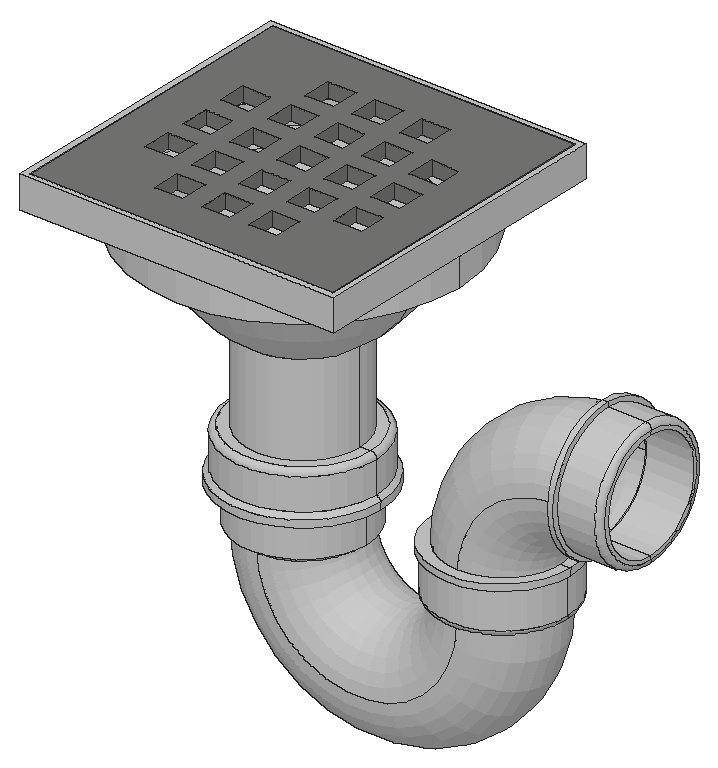
Revit family "PX_SEQ_Drainmate_Square-Hole-Grate_40mm_PC111210", category Plumbing Fixtures, Revit 2016
Family settings
  Part Type = Normal
  Round Connector Dimension = Use Diameter
  Work Plane-Based = No
  Always vertical = Yes
  Cut with Voids When Loaded = No
  Shared = No
  Room Calculation Point = No
Parameters (values of type "SEAQUAL Drainmate - Square Hole Grate PC 111210")
  URL for TCP = "http://www.tcpbim.co.za"
  URL = "https://seaqual.co.za/collections/internal-floor-drains/products/drainmate-square-hole-grate"
  Type Comments = "Drainmate Square Hole Grate"
  Stainless Steel = Stainless Steel
  Plastic = Plastic
  Model = "111210"
  Manufacturer = "Seaqual"
  Made By = "Tolani Civil Projects cc"
  ASAQS Code = "6.603.10"
Reference planes
  plane 1 "Center (Front/Back)": y = 0
  plane 2: z = 0
  plane 3 "Center (Left/Right)": x = 0
  plane 4: y = 55
  plane 5: x = 55
  plane 6: y = -55
  plane 7: x = -55
  plane 8: y = 53
  plane 9: y = -53
  plane 10: x = -53
  plane 11: x = 53
  plane 12: z = 5
  plane 13: z = -6
  plane 14: z = -3
  plane 15: z = -86
  plane 16: x = -55
  plane 17: x = -5
  plane 18: x = -11.5
  plane 19: x = -21.5
  plane 20: x = -28
  plane 21: x = -38
  plane 22: x = 5
  plane 23: x = 11.5
  plane 24: x = 21.5
  plane 25: x = 28
  plane 26: x = 38
  plane 27: y = -5
  plane 28: y = -11.5
  plane 29: y = -21.5
  plane 30: y = -28
  plane 31: y = -38
  plane 32: y = 5
  plane 33: y = 11.5
  plane 34: y = 21.5
  plane 35: y = 28
  plane 36: y = 38
  plane 37: x = -15
  plane 38: x = -20
  plane 39: x = -18
  plane 40: x = 70
  plane 41: z = -107.647
  plane 42: z = -90.326
  plane 43: x = 105
  plane 44: x = 105
  plane 45: x = 122
  plane 46: z = -57.622
Forms (mm)
  Sweep 1, solid, material "Plastic" <- "Plastic"
    path origin (0, 0, 0) x (1, 0, 0) y (0, 1, 0)
      loop
        line (-55, 55) -> (-55, -55) -> (55, -55) -> (55, 55) -> (-55, 55)
    profile origin (-55, 0, 0) x (-1, 0, 0) y (0, 0, 1)
      loop
        line (0, 5) -> (-2, 5) -> (-2, 0) -> (-5.454, 0) -> (-5.454, -6) -> (0, -6) -> (0, 4) -> (0, 5)
  Extrusion 2, solid, material "Stainless Steel" <- "Stainless Steel"
    sketch origin (0, 0, 0) x (1, 0, 0) y (0, 1, 0)
      loop
        line (-53, 53) -> (-53, -53) -> (53, -53) -> (53, 53) -> (-53, 53)
      loop
        line (-5, 38) -> (-5, 28) -> (5, 28) -> (5, 38) -> (-5, 38)
      loop
        line (-21.5, 38) -> (-21.5, 28) -> (-11.5, 28) -> (-11.5, 38) -> (-21.5, 38)
      loop
        line (11.5, 38) -> (11.5, 28) -> (21.5, 28) -> (21.5, 38) -> (11.5, 38)
      loop
        line (-5, 21.5) -> (-5, 11.5) -> (5, 11.5) -> (5, 21.5) -> (-5, 21.5)
      loop
        line (-21.5, 21.5) -> (-21.5, 11.5) -> (-11.5, 11.5) -> (-11.5, 21.5) -> (-21.5, 21.5)
      loop
        line (11.5, 21.5) -> (11.5, 11.5) -> (21.5, 11.5) -> (21.5, 21.5) -> (11.5, 21.5)
      loop
        line (-5, 5) -> (-5, -5) -> (5, -5) -> (5, 5) -> (-5, 5)
      loop
        line (-21.5, 5) -> (-21.5, -5) -> (-11.5, -5) -> (-11.5, 5) -> (-21.5, 5)
      loop
        line (11.5, 5) -> (11.5, -5) -> (21.5, -5) -> (21.5, 5) -> (11.5, 5)
      loop
        line (-5, -11.5) -> (-5, -21.5) -> (5, -21.5) -> (5, -11.5) -> (-5, -11.5)
      loop
        line (-21.5, -11.5) -> (-21.5, -21.5) -> (-11.5, -21.5) -> (-11.5, -11.5) -> (-21.5, -11.5)
      loop
        line (11.5, -11.5) -> (11.5, -21.5) -> (21.5, -21.5) -> (21.5, -11.5) -> (11.5, -11.5)
      loop
        line (-5, -28) -> (-5, -38) -> (5, -38) -> (5, -28) -> (-5, -28)
      loop
        line (-21.5, -28) -> (-21.5, -38) -> (-11.5, -38) -> (-11.5, -28) -> (-21.5, -28)
      loop
        line (11.5, -28) -> (11.5, -38) -> (21.5, -38) -> (21.5, -28) -> (11.5, -28)
      loop
        line (28, 21.5) -> (28, 11.5) -> (38, 11.5) -> (38, 21.5) -> (28, 21.5)
      loop
        line (28, 5) -> (28, -5) -> (38, -5) -> (38, 5) -> (28, 5)
      loop
        line (28, -11.5) -> (28, -21.5) -> (38, -21.5) -> (38, -11.5) -> (28, -11.5)
      loop
        line (-38, 21.5) -> (-38, 11.5) -> (-28, 11.5) -> (-28, 21.5) -> (-38, 21.5)
      loop
        line (-38, 5) -> (-38, -5) -> (-28, -5) -> (-28, 5) -> (-38, 5)
      loop
        line (-38, -11.5) -> (-38, -21.5) -> (-28, -21.5) -> (-28, -11.5) -> (-38, -11.5)
    from 0 to 5
  Revolve 3, solid, material "Plastic" <- "Plastic"
    sketch origin (0, 0, 0) x (1, 0, 0) y (0, 0, 1)
      loop
        line (-55, -6) -> (-55, -16) -> (-43, -16)
        arc (-43, -16) -> (-34.325, -33.443) -> (-20, -46.647) r 53.732
        line (-20, -46.647) -> (-20, -107.647) -> (-18, -107.647) -> (-18, -44.974)
        arc (-18, -44.974) -> (-32.572, -31.653) -> (-41.35, -13.969) r 53.732
        line (-41.35, -13.969) -> (-53, -13.969) -> (-53, -6) -> (-55, -6)
      axis (0, -6) -> (0, -107.647)
    angle from 0 to 360
  Extrusion 4, solid, material "Plastic" <- "Plastic"
    sketch origin (0, 0, 0) x (1, 0, 0) y (0, 1, 0)
      loop
        line (-49.546, 49.546) -> (-49.546, 23.879)
        arc (-49.546, 23.879) -> (-38.891, 38.891) -> (-23.879, 49.546) r 55
        line (-23.879, 49.546) -> (-49.546, 49.546)
      loop
        arc (23.879, 49.546) -> (38.891, 38.891) -> (49.546, 23.879) r 55
        line (49.546, 23.879) -> (49.546, 49.546) -> (23.879, 49.546)
      loop
        arc (49.546, -23.879) -> (38.891, -38.891) -> (23.879, -49.546) r 55
        line (23.879, -49.546) -> (49.546, -49.546) -> (49.546, -23.879)
      loop
        arc (-23.879, -49.546) -> (-38.891, -38.891) -> (-49.546, -23.879) r 55
        line (-49.546, -23.879) -> (-49.546, -49.546) -> (-23.879, -49.546)
    from -6 to -3
  Sweep 5, solid, material "Plastic" <- "Plastic"
    path origin (0, 0, 0) x (1, 0, 0) y (0, 0, 1)
      loop
        arc (0, -107.647) -> (35, -142.647) -> (70, -107.647) r 35
    profile origin (35, 0, -142.647) x (0, 0, 1) y (0, -1, 0)
      loop
        circle (0, 0) r 20
      loop
        circle (0, 0) r 19
  Revolve 6, solid, material "Plastic" <- "Plastic"
    sketch origin (0, 0, 0) x (1, 0, 0) y (0, 0, 1)
      loop
        line (-19.956, -109.865) -> (-19.956, -78.254) -> (-23.825, -78.254)
        arc (-23.825, -78.254) -> (-25.239, -78.84) -> (-25.825, -80.254) r 2
        line (-25.825, -80.254) -> (-25.825, -91.241) -> (-27.452, -92.868) -> (-27.452, -95.429) -> (-22.452, -95.429) -> (-22.452, -108.118) -> (-19.956, -109.865)
      axis (0, -78.254) -> (0, -109.865)
    angle from 0 to 360
  Revolve 7, solid, material "Plastic" <- "Plastic"
    sketch origin (0, 0, 0) x (1, 0, 0) y (0, 0, 1)
      loop
        line (51, -107.647) -> (51, -90.326) -> (46, -90.326) -> (46, -92.622) -> (47.132, -92.622) -> (47.132, -105.647)
        arc (47.132, -105.647) -> (47.717, -107.061) -> (49.132, -107.647) r 2
        line (49.132, -107.647) -> (51, -107.647)
      axis (70, -90.326) -> (70, -107.647)
    angle from 0 to 360
  Sweep 8, solid, material "Plastic" <- "Plastic"
    path origin (0, 0, 0) x (1, 0, 0) y (0, 0, 1)
      loop
        arc (70, -92.622) -> (80.251, -67.873) -> (105, -57.622) r 35
    profile origin (105, 0, -57.622) x (0, 0, 1) y (0, -1, 0)
      loop
        circle (0, 0) r 20
      loop
        circle (0, 0) r 19
  Revolve 9, solid, material "Plastic" <- "Plastic"
    sketch origin (0, 0, 0) x (1, 0, 0) y (0, 0, 1)
      loop
        line (105, -38.622) -> (122, -38.622) -> (122, -37.314)
        arc (122, -37.314) -> (121.414, -35.9) -> (120, -35.314) r 2
        line (120, -35.314) -> (106.961, -35.314) -> (106.961, -33.622) -> (105, -33.622) -> (105, -38.622)
      axis (105, -57.622) -> (122, -57.622)
    angle from 0 to 360
Cuts and joins
  joined: Sweep 1, Revolve 3, Extrusion 4
Dimensions and locks
  locked: plane 4 to plane 8 at 2
  locked: plane 6 to plane 9 at 2
  locked: plane 7 to plane 10 at 2
  locked: plane 11 to plane 5 at 2
  plane 7 to plane 3 "Center (Left/Right)" to plane 5 = 55 mm locked, 55 mm locked
  plane 4 to plane 1 "Center (Front/Back)" to plane 6 = 55 mm locked, 55 mm locked
  locked: plane 12 to level at 5
  locked: plane 12 to plane 14 at 8
  locked: plane 12 to plane 13 at 11
  locked: plane 13 to plane 15 at 80
  locked: plane 3 "Center (Left/Right)" to plane 16 at 55
  locked: plane 3 "Center (Left/Right)" to Sweep 1 sketch curve at 49.546
  locked: plane 17 to plane 3 "Center (Left/Right)" at 5
  plane 21 to plane 20 to plane 19 to plane 18 to plane 3 "Center (Left/Right)" = 10 mm, 6.5 mm locked, 10 mm locked, 11.5 mm locked
  plane 26 to plane 25 to plane 24 to plane 23 = 10 mm locked, 6.5 mm locked, 10 mm locked
  plane 3 "Center (Left/Right)" to plane 22 to plane 23 = 5 mm locked, 6.5 mm locked
  plane 31 to plane 30 to plane 29 to plane 28 to plane 27 to plane 1 "Center (Front/Back)" = 10 mm locked, 6.5 mm locked, 10 mm locked, 6.5 mm locked, 5 mm locked
  plane 36 to plane 35 to plane 34 to plane 33 to plane 32 = 10 mm locked, 6.5 mm locked, 10 mm locked, 6.5 mm locked
  plane 3 "Center (Left/Right)" to plane 37 = 15 mm
  plane 3 "Center (Left/Right)" to plane 37 to cut or joined group of Sweep 1, Revolve 3, Extrusion 4 to plane 16 = 15 mm locked, 26.35 mm locked, 13.65 mm locked
  level to cut or joined group of Sweep 1, Revolve 3, Extrusion 4 to cut or joined group of Sweep 1, Revolve 3, Extrusion 4 to cut or joined group of Sweep 1, Revolve 3, Extrusion 4 to cut or joined group of Sweep 1, Revolve 3, Extrusion 4 to cut or joined group of Sweep 1, Revolve 3, Extrusion 4 = 6 mm locked, 7.969 mm locked, 2.031 mm locked, 28.974 mm locked, 62.673 mm locked
  locked: plane 40 to plane 3 "Center (Left/Right)" at 70
  locked: Sweep 5 sketch curve to plane 15 at 56.647
  plane 3 "Center (Left/Right)" to Revolve 6 sketch curve to Revolve 6 sketch curve to Revolve 6 sketch curve = 22.452 mm locked, 3.373 mm locked, 1.627 mm locked
  plane 15 to Revolve 6 sketch curve to Revolve 6 sketch curve to Revolve 6 sketch curve to Revolve 6 sketch curve to Revolve 6 sketch curve = 5.241 mm locked, 1.627 mm locked, 2.561 mm locked, 12.689 mm locked, 1.747 mm locked
  locked: Revolve 6 sketch curve to plane 15 at 7.746
  locked: plane 42 to plane 41 at 17.321
  plane 40 to Revolve 7 sketch curve to Revolve 7 sketch curve to Revolve 7 sketch curve to Revolve 7 sketch curve = 19 mm locked, 1.868 mm locked, 2 mm locked, 1.132 mm locked
  level to Revolve 7 sketch curve to Revolve 7 sketch curve to Revolve 7 sketch curve = 90.326 mm locked, 2.296 mm locked, 15.025 mm locked
  Sweep 8 sketch curve to plane 41 = 50.025 mm
  locked: plane 44 to plane 45 at 17
  locked: level to plane 46 at 57.622
  Revolve 9 sketch curve to Revolve 9 sketch curve to Revolve 9 sketch curve to plane 46 = 1.692 mm locked, 3.308 mm locked, 19 mm locked
  Revolve 9 sketch curve to Revolve 9 sketch curve to Revolve 9 sketch curve to plane 3 "Center (Left/Right)" = 15.039 mm locked, 1.961 mm locked, 105 mm locked
  aligned and locked: level to plane 2
  aligned and locked: Sweep 1 sketch curve to plane 4
  aligned and locked: Sweep 1 sketch curve to plane 7
  aligned and locked: Sweep 1 sketch curve to plane 6
  aligned and locked: Sweep 1 sketch curve to plane 5
  aligned and locked: plane 10 to Sweep 1 sketch curve
  aligned and locked: plane 12 to Sweep 1 sketch curve
  aligned and locked: profile plane to Sweep 1 sketch curve
  aligned and locked: Sweep 1 sketch curve to profile plane  (x2)
  aligned and locked: Sweep 1 sketch curve to plane 10
  aligned and locked: Extrusion 2 sketch curve to Sweep 1  (x4)
  aligned and locked: plane 22 to Extrusion 2 sketch curve  (x5)
  aligned and locked: plane 17 to Extrusion 2 sketch curve  (x5)
  aligned and locked: Extrusion 2 sketch curve to plane 36  (x3)
  aligned and locked: plane 35 to Extrusion 2 sketch curve  (x3)
  aligned and locked: Extrusion 2 sketch curve to plane 18
  aligned and locked: plane 19 to Extrusion 2 sketch curve  (x5)
  aligned and locked: plane 23 to Extrusion 2 sketch curve  (x4)
  aligned and locked: plane 24 to Extrusion 2 sketch curve  (x4)
  aligned and locked: Extrusion 2 sketch curve to plane 23
  aligned and locked: plane 18 to Extrusion 2 sketch curve  (x4)
  aligned and locked: plane 34 to Extrusion 2 sketch curve  (x4)
  aligned and locked: plane 33 to Extrusion 2 sketch curve  (x4)
  aligned and locked: plane 32 to Extrusion 2 sketch curve  (x2)
  aligned and locked: plane 27 to Extrusion 2 sketch curve  (x2)
  aligned and locked: plane 29 to Extrusion 2 sketch curve  (x2)
  aligned and locked: plane 30 to Extrusion 2 sketch curve  (x2)
  aligned and locked: plane 31 to Extrusion 2 sketch curve  (x2)
  aligned and locked: plane 28 to Extrusion 2 sketch curve  (x3)
  aligned and locked: Extrusion 2 sketch curve to plane 29  (x2)
  aligned and locked: Extrusion 2 sketch curve to Extrusion 2 sketch curve
  aligned and locked: Extrusion 2 sketch curve to plane 27
  aligned and locked: Extrusion 2 sketch curve to plane 32  (x2)
  aligned and locked: Extrusion 2 sketch curve to plane 34
  aligned and locked: Extrusion 2 to plane 2
  aligned and locked: plane 12 to Extrusion 2
  aligned and locked: Revolve 3 sketch curve to plane 3 "Center (Left/Right)"
  aligned and locked: cut or joined group of Sweep 1, Revolve 3, Extrusion 4 to Extrusion 4 sketch curve  (x3)
  aligned and locked: Extrusion 4 sketch curve to cut or joined group of Sweep 1, Revolve 3, Extrusion 4  (x6)
  aligned and locked: Extrusion 4 to plane 13
  aligned and locked: plane 14 to Extrusion 4
  aligned and locked: plane 1 "Center (Front/Back)" to Sweep 5 sketch curve
  aligned and locked: Revolve 6 sketch curve to plane 3 "Center (Left/Right)"
  aligned and locked: Revolve 7 sketch curve to plane 40
  aligned and locked: plane 43 to Sweep 8 sketch curve
  aligned and locked: plane 40 to Sweep 8 sketch curve
  aligned and locked: Revolve 9 sketch curve to plane 46
Connectors
  piping at (122, 0, -57.622), diameter 40
    settings: on Revolve 9, index 1, connector inside diameter 609.6 mm, connector length 0 mm, flow factor 0, pipe flow 0.0 L/s, pressure drop 0.0 Pa, fitting loss kfactor 0, connector angle 0.00°, fixture units 0, engagement length 0 mm, angle of deflection 0.00°, flow configuration 0, flow direction 0, fitting loss method 0, system type 16, joint type 0, gender type 0, connector reference index -1, connector utility 0, adjustable connector no, is connector primary yes, connector description ""
